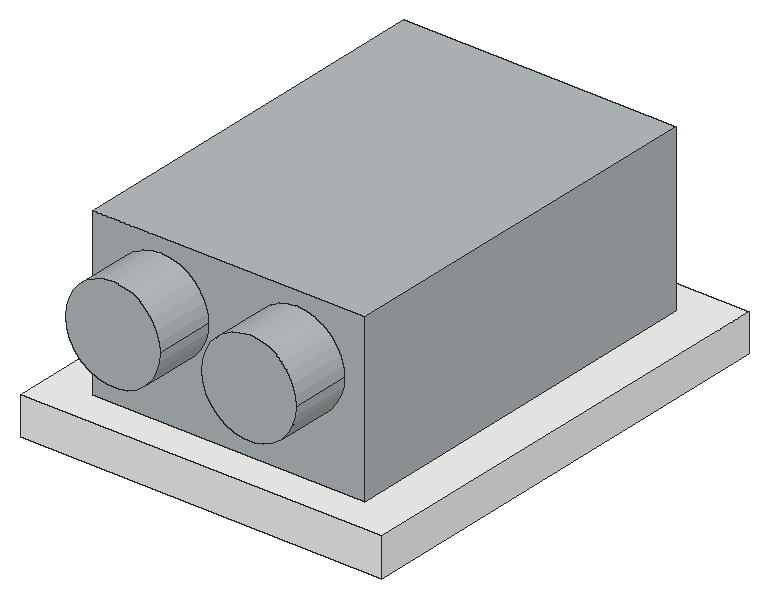
Revit family "v-142_143bzlt5_50Hz", category 機械設備, Revit 2019
Family settings
  丸型コネクタ寸法 = 直径を使用
  パーツ タイプ = 標準
  OmniClass 番号 = 23.75.35.17.27
  OmniClass タイトル = Centrifugal Fans
  作業面ベース = いいえ
  常に垂直 = はい
  ロード時にボイドで切り取り = いいえ
  共有 = いいえ
  部屋計算ポイント = はい
Parameters (values of type "V-142BZLT5")
  騒音レベル(dB(A)) [instance] = 44
  風量 [instance] = 170.0 m³/h
  電源種別 [instance] = ""
  電圧 = 100 V
  電動機出力 = 0 W
  電動機_種別 [instance] = ""
  運転質量 = 0.00 kg
  連動 [instance] = ""
  質量 = if(製品質量 > 運転質量, 製品質量, 運転質量) * 1.2  # 10.08 kg
  負荷分類 = 3_ファン類
  説明 = "バス乾燥・暖房・換気システム 薄形タイプ"
  設計風量 [instance] = 0.0 m³/h
  設置方法 = "カセット形"
  記号 [instance] = ""
  製造元 = "三菱電機株式会社"
  製品質量 = 8.40 kg
  製品出荷対象 = "国内"
  製品リリース年月 = "2022年5月10日"
  製品グループ = ""
  系統 [instance] = ""
  符号 [instance] = if(☑給気／□排気, "FS", "FE")  # "FE"
  積算_科目 = "2 換気設備"
  積算_拾い区分 [instance] = ""
  相 = 1
  盤記号 [instance] = ""
  発停方法 [instance] = ""
  特殊仕様 [instance] = ""
  点検口離隔 = 150 mm
  点検口_Depth = 450 mm
  点検口 = yes
  火災停止 [instance] = ""
  消費電力 = 1230 W
  法定耐用年数 = "10"
  機外静圧 [instance] = 0.0 Pa
  極数 = 2
  材質 [instance] = ""
  操作・制御方式 = ""
  操作・制御スイッチ = ""
  排気量 [instance] = if(☑給気／□排気, 0.0 m³/h, 設計風量)  # 0.0 m³/h
  形式 = ""
  幹線記号 [instance] = ""
  対象室 [instance] = ""
  実風量 [instance] = 0.0 m³/h
  始動方式 [instance] = "直入"
  本体固定用穴ピッチ2 = 265 mm
  本体固定用穴ピッチ1 = 304 mm
  本体固定用穴ピッチ4 = 424 mm
  本体固定用穴ピッチ3 = 224 mm
  外気量 [instance] = if(☑給気／□排気, 設計風量, 0.0 m³/h)  # 0.0 m³/h
  呼称 = "天井扇"
  周波数 = 50 Hz
  参照している仕様書等のバージョン = ""
  分類コード = "50052503100080"
  分類グループ = ""
  価格 = 124300
  企業コード = "108420"
  付属品_防振装置 = ""
  付属品 [instance] = ""
  仕様書バージョン = "Version1.0"
  モデル = "V-142BZLT5"
  マテリアル = 亜鉛メッキ鋼板
  ファンの種類 = ""
  ダクト径 = 100 mm
  コメント [instance] = ""
  Keynote = ""
  カバーマテリアル = 合成樹脂(白)
  ☑給気／□排気 [instance] = no
  Width = 280 mm
  W1 = 372 mm
  Version = ""
  Uniclass2015Version = "Systems v1.9"
  Uniclass2015Title = "Centrifugal fans"
  Uniclass2015Code = "Pr_65_67_29_12"
  URL = "https://www.mitsubishielectric.co.jp/ldg/wink/ssl/displayProduct.do?pid=320527"
  SpecificationReference = ""
  SpecificationDescription = ""
  Revision = ""
  RAダクト接続口_A = yes
  RAダクト接続口_B = no
  RAダクト接続口_C = no
  RAサイズ_D = 97.5 mm
  ProductInformation = ""
  OmniClassCode = "23-33 31 19 11 15"
  MIN風量 = 95.0 m³/h
  MIN静圧 = 0.0 Pa
  MID風量 = 0.0 m³/h
  MID静圧 = 0.0 Pa
  MAX風量 = 170.0 m³/h
  MAX静圧 = 0.0 Pa
  IfcTypeProduct = ""
  IfcProduct = ""
  IfcExportType = "PROPELLORAXIAL"
  IfcExportAs = "IfcFanType"
  Height = 170 mm
  H1 = 39 mm
  EAサイズ_D = 97.5 mm
  Duct_H = 107 mm
  Duct_RA_EA_W = 70 mm
  Duct_Depth = 61 mm
  DuctChange_D = 53.6 mm
  Depth = 400 mm
  D1 = 472 mm
  Author = "三菱電機株式会社"
Types (2, lengths in mm): name | 価格 | モデル | URL | RAダクト接続口_B
  V-142BZLT5 | 124300 | "V-142BZLT5" | "https://www.mitsubishielectric.co.jp/ldg/wink/ssl/displayProduct.do?pid=320527" | no
  V-143BZLT5 | 126500 | "V-143BZLT5" | "https://www.mitsubishielectric.co.jp/ldg/wink/ssl/displayProduct.do?pid=320477" | yes
Reference planes
  plane 1 "中心(正面/背面)": y = 0
  plane 2: z = 0
  plane 3 "中心(左/右)": x = 0
  plane 4: x = -186
  plane 5: x = 186
  plane 6: y = 236
  plane 7: y = -236
  plane 8: x = -140
  plane 9: x = 140
  plane 10: y = 200
  plane 11: y = -200
  plane 12: y = -261
  plane 13: z = 170
  plane 14: z = -39
  plane 15: z = 107
  plane 16: x = -152
  plane 17: x = 152
  plane 18: y = 132.5
  plane 19: y = -132.5
  plane 20: x = 70
  plane 21: x = -70
  plane 22: y = -53.6
  plane 23: x = -201
  plane 24: x = 201
  plane 25: x = -290
  plane 26: x = -740
  plane 27: y = 225
  plane 28: y = -225
  plane 29: x = -112
  plane 30: x = 112
  plane 31: y = 212
  plane 32: y = -212
Forms (mm)
  Extrusion 1, solid, material "亜鉛メッキ鋼板" <- "マテリアル", detail levels fine
    sketch origin (0, 0, 0) x (1, 0, 0) y (0, 1, 0)
      loop
        line (-140, 200) -> (-140, -200) -> (140, -200) -> (140, 200) -> (-140, 200)
    from 0 to 170
  Extrusion 2, solid, material "合成樹脂(白)" <- "カバーマテリアル", detail levels fine
    sketch origin (0, 0, 0) x (1, 0, 0) y (0, 1, 0)
      loop
        line (-186, 236) -> (-186, -236) -> (186, -236) -> (186, 236) -> (-186, 236)
    from 0 to -39
  Extrusion 3, solid, material "亜鉛メッキ鋼板" <- "マテリアル", detail levels fine
    sketch origin (0, 0, 0) x (1, 0, 0) y (0, 0, 1)
      loop
        circle (70, 107) r 48.75
    from 200 to 261
  Extrusion 4, solid, material "亜鉛メッキ鋼板" <- "マテリアル", visible <- "RAダクト接続口_A", detail levels fine
    sketch origin (0, 0, 0) x (1, 0, 0) y (0, 0, 1)
      loop
        circle (-70, 107) r 48.75
    from 200 to 261
  Extrusion 5, solid, material "亜鉛メッキ鋼板" <- "マテリアル", visible <- "RAダクト接続口_C", detail levels fine
    sketch origin (0, 0, 0) x (0, 1, 0) y (0, 0, 1)
      loop
        circle (-53.6, 107) r 48.75
    from 140 to 201
  Extrusion 6, solid, material "亜鉛メッキ鋼板" <- "マテリアル", visible <- "RAダクト接続口_B", detail levels fine
    sketch origin (0, 0, 0) x (0, 1, 0) y (0, 0, 1)
      loop
        circle (-53.6, 107) r 48.75
    from -201 to -140
Dimensions and locks
  equal spacing: plane 4, plane 3 "中心(左/右)", plane 5
  "W1": plane 4 to plane 5
  equal spacing: plane 6, plane 1 "中心(正面/背面)", plane 7
  "D1": plane 6 to plane 7
  equal spacing: plane 8, plane 3 "中心(左/右)", plane 9
  "Width": plane 8 to plane 9
  equal spacing: plane 10, plane 1 "中心(正面/背面)", plane 11
  "Depth": plane 10 to plane 11
  "Duct_Depth": plane 11 to plane 12
  "Height": plane 13 to plane 2
  "Duct_H": plane 15 to plane 2
  equal spacing: plane 16, plane 3 "中心(左/右)", plane 17
  "本体固定用穴ピッチ1": plane 16 to plane 17
  equal spacing: plane 18, plane 1 "中心(正面/背面)", plane 19
  "本体固定用穴ピッチ2": plane 18 to plane 19
  "H1": plane 2 to plane 14
  "Duct_RA_EA_W": plane 20 to plane 3 "中心(左/右)"
  "Duct_RA_EA_W": plane 21 to plane 3 "中心(左/右)"
  "DuctChange_D": plane 1 "中心(正面/背面)" to plane 22
  "Duct_Depth": plane 23 to plane 8
  "Duct_Depth": plane 9 to plane 24
  "点検口_Depth": plane 27 to plane 28
  equal spacing: plane 27, plane 1 "中心(正面/背面)", plane 28
  "点検口_Depth": plane 26 to plane 25
  "点検口離隔": plane 25 to plane 8
  equal spacing: plane 29, plane 3 "中心(左/右)", plane 30
  "本体固定用穴ピッチ3": plane 29 to plane 30
  equal spacing: plane 31, plane 1 "中心(正面/背面)", plane 32
  "本体固定用穴ピッチ4": plane 31 to plane 32
  "RAサイズ_D": diameter of Extrusion 4 sketch curve
  "RAサイズ_D": diameter of Extrusion 5 sketch curve
  "RAサイズ_D": diameter of Extrusion 6 sketch curve
  "EAサイズ_D": diameter of Extrusion 3 sketch curve
  aligned and locked: level to plane 2
  aligned and locked: plane 5 to Extrusion 2
  aligned and locked: plane 6 to Extrusion 2
  aligned and locked: Extrusion 2 to plane 4
  aligned and locked: Extrusion 2 to plane 7
  aligned and locked: plane 9 to Extrusion 1
  aligned and locked: Extrusion 1 to plane 11
  aligned and locked: Extrusion 1 to plane 8
  aligned and locked: plane 10 to Extrusion 1
  aligned and locked: plane 13 to Extrusion 1
  aligned and locked: Extrusion 2 to plane 14
  aligned and locked: level to Extrusion 2
  aligned and locked: Extrusion 1 to level
  aligned and locked: Extrusion 3 to plane 12
  aligned and locked: plane 11 to Extrusion 3
  aligned and locked: nested 2 to plane 16
  aligned and locked: nested 2 to plane 17
  aligned and locked: nested 2 to plane 19
  aligned and locked: nested 2 to plane 18
  aligned and locked: Extrusion 4 to plane 12
  aligned and locked: plane 11 to Extrusion 4
  aligned and locked: Extrusion 6 to plane 23
  aligned and locked: plane 8 to Extrusion 6
  aligned and locked: plane 24 to Extrusion 5
  aligned and locked: Extrusion 5 to plane 9
  aligned and locked: plane 25 to nested 3
  aligned and locked: plane 26 to nested 3
  aligned and locked: plane 28 to nested 3
  aligned and locked: plane 27 to nested 3
  aligned and locked: nested 4 to plane 29
  aligned and locked: nested 4 to plane 30
  aligned and locked: plane 31 to nested 4
  aligned and locked: plane 32 to nested 4
Automatic sketch dimensions
  Extrusion 4 sketch curve to plane 15 = 0 mm
  plane 21 to Extrusion 4 sketch curve = 0 mm
  Extrusion 5 sketch curve to plane 15 = 0 mm
  Extrusion 5 sketch curve to plane 22 = 0 mm
  Extrusion 6 sketch curve to plane 15 = 0 mm
  Extrusion 6 sketch curve to plane 22 = 0 mm
  Extrusion 1 sketch curve to plane 8 = 0 mm
  Extrusion 1 sketch curve to plane 9 = 0 mm
  Extrusion 1 sketch curve to plane 11 = 0 mm
  Extrusion 1 sketch curve to plane 10 = 0 mm
  Extrusion 2 sketch curve to plane 4 = 0 mm
  Extrusion 2 sketch curve to plane 5 = 0 mm
  Extrusion 2 sketch curve to plane 7 = 0 mm
  Extrusion 2 sketch curve to plane 6 = 0 mm
  Extrusion 3 sketch curve to plane 15 = 0 mm
  Extrusion 3 sketch curve to plane 20 = 0 mm
Nested families
  nested 1: "記号_天井換気扇_平面" at (0, 0, 0), type "記号_天井換気扇_平面", detail levels coarse+medium
  nested 2: "固定点" at (-152, -132.5, 0), type "固定点"
    with W 304 mm, D 265 mm
  nested 3: "点検口設置範囲" at (-515, 0, 0), visible <- "点検口", type "点検口設置範囲"
    with Width 450 mm, Depth 450 mm
  nested 4: "固定点" at (-112, -212, 0), type "固定点"
    with W 224 mm, D 424 mm
Connectors
  hvac at (70, -261, 107), driven by "ダクト径", driven by "風量", driven by "機外静圧"
    settings: on Extrusion 3, index 1, duct flow 170.0 m³/h, flow factor 0, pres drop 0.0 Pa, loss coef 0, conn angle 0.00°, conn width 304.8 mm, conn height 304.8 mm, conn diameter 100 mm, duct sys type 3, conn prof type 0, flow config 0, flow direction 2, loss method 4, conn ref index -1, conn util no, is conn primary yes, conn desc ""
  hvac at (-70, -261, 107), driven by "ダクト径", driven by "機外静圧", driven by "風量"
    settings: on Extrusion 4, index 3, duct flow 170.0 m³/h, flow factor 0, pres drop 0.0 Pa, loss coef 0, conn angle 0.00°, conn width 304.8 mm, conn height 304.8 mm, conn diameter 100 mm, duct sys type 2, conn prof type 0, flow config 0, flow direction 1, loss method 4, conn ref index -1, conn util no, is conn primary no, conn desc ""
  hvac at (201, -53.6, 107), driven by "ダクト径", driven by "機外静圧", driven by "風量"
    settings: on Extrusion 5, index 4, duct flow 170.0 m³/h, flow factor 0, pres drop 0.0 Pa, loss coef 0, conn angle 0.00°, conn width 304.8 mm, conn height 304.8 mm, conn diameter 100 mm, duct sys type 2, conn prof type 0, flow config 0, flow direction 1, loss method 4, conn ref index -1, conn util no, is conn primary no, conn desc ""
  hvac at (-201, -53.6, 107), driven by "ダクト径", driven by "機外静圧", driven by "風量"
    settings: on Extrusion 6, index 5, duct flow 170.0 m³/h, flow factor 0, pres drop 0.0 Pa, loss coef 0, conn angle 0.00°, conn width 304.8 mm, conn height 304.8 mm, conn diameter 100 mm, duct sys type 2, conn prof type 0, flow config 0, flow direction 1, loss method 4, conn ref index -1, conn util no, is conn primary no, conn desc ""
  electrical at (0, 0, 170), driven by "極数", driven by "負荷分類", driven by "電圧", driven by "消費電力"
    settings: on Extrusion 1, index 6, voltage 100 V, apparent load 1230 VA, apparent load phase1 0 VA, apparent load phase2 0 VA, apparent load phase3 0 VA, power factor 1, load classification "3_ファン類", number of poles 2, system type 30, power factor state 1, is connector primary yes, connector utility no, sub classification motor no, connector description ""
Definition of nested family "記号_天井換気扇_平面"
  Reference planes
    plane 1: y = 0
    plane 2: x = 0
  Lines and regions (mm)
    detail lines
      curve 1: line (-2.5, 2.5, 0) -> (2.5, 2.5, 0)
      curve 2: line (-2.5, -2.5, 0) -> (-2.5, 2.5, 0)
      curve 3: line (2.5, -2.5, 0) -> (-2.5, -2.5, 0)
      curve 4: line (2.5, 2.5, 0) -> (2.5, -2.5, 0)
      curve 5: circle (-1.04, -1.04, 0) r 1.46 normal (0, 0, 1)
      curve 6: circle (1.04, 1.04, 0) r 1.46 normal (0, 0, 1)
      curve 7: line (-3.125, 3.125, 0) -> (3.125, 3.125, 0)
      curve 8: line (-3.125, -3.125, 0) -> (-3.125, 3.125, 0)
      curve 9: line (3.125, -3.125, 0) -> (-3.125, -3.125, 0)
      curve 10: line (3.125, 3.125, 0) -> (3.125, -3.125, 0)
      curve 11: circle (1.295, 1.295, 0) r 1.83 normal (0, 0, 1)
      curve 12: circle (-1.295, -1.295, 0) r 1.83 normal (0, 0, 1)
      curve 13: line (-2, 2, 0) -> (2, 2, 0)
      curve 14: line (-2, -2, 0) -> (-2, 2, 0)
      curve 15: line (2, -2, 0) -> (-2, -2, 0)
      curve 16: line (2, 2, 0) -> (2, -2, 0)
      curve 17: circle (0.84, 0.84, 0) r 1.16 normal (0, 0, 1)
      curve 18: circle (-0.84, -0.84, 0) r 1.2 normal (0, 0, 1)
Definition of nested family "固定点"
  Parameters (values of type "固定点")
    中心円 = 20 mm
    W [instance] = 1000 mm
    D [instance] = 1000 mm
  Reference planes
    plane 1 "中心(正面/背面)": y = 0
    plane 2: z = 0
    plane 3 "中心(左/右)": x = 0
    plane 4: x = 1000
    plane 5: y = 1000
  Lines and regions (mm)
    symbolic lines, detail levels fine
      curve 1: circle (0, 1000, 0) r 10 normal (0, 0, 1)
      curve 2: circle (0, 0, 0) r 10 normal (0, 0, 1)
      curve 3: circle (1000, 1000, 0) r 10 normal (0, 0, 1)
      curve 4: circle (1000, 0, 0) r 10 normal (0, 0, 1)
      curve 5: line (-200, 1000, 0) -> (1200, 1000, 0)
      curve 6: line (-200, 0, 0) -> (1200, 0, 0)
      curve 7: line (0, 1200, 0) -> (0, -200, 0)
      curve 8: line (1000, 1200, 0) -> (1000, -200, 0)
  Dimensions and locks
    "W": plane 3 "中心(左/右)" to plane 4
    "D": plane 1 "中心(正面/背面)" to plane 5
    "中心円": diameter of curve 1
    "中心円": diameter of curve 2
    "中心円": diameter of curve 3
    "中心円": diameter of curve 4
    aligned and locked: level to plane 2
    aligned and locked: plane 5 to curve 1
    aligned and locked: plane 3 "中心(左/右)" to curve 1
    aligned and locked: plane 3 "中心(左/右)" to curve 2
    aligned and locked: plane 1 "中心(正面/背面)" to curve 2
    aligned and locked: plane 4 to curve 3
    aligned and locked: plane 5 to curve 3
    aligned and locked: plane 1 "中心(正面/背面)" to curve 4
    aligned and locked: plane 4 to curve 4
    aligned and locked: plane 1 "中心(正面/背面)" to curve 6
    aligned and locked: curve 7 to plane 3 "中心(左/右)"
    aligned and locked: curve 8 to plane 4
  Automatic sketch dimensions
    curve 5 to plane 5 = 0 mm
    curve 6 to plane 3 "中心(左/右)" = 200 mm
    curve 5 to plane 3 "中心(左/右)" = 200 mm
    curve 4 to curve 6 = 200 mm
    curve 3 to curve 5 = 200 mm
    plane 1 "中心(正面/背面)" to curve 8 = 200 mm
    plane 1 "中心(正面/背面)" to curve 7 = 200 mm
    curve 3 to curve 8 = 200 mm
    curve 1 to curve 7 = 200 mm
Definition of nested family "点検口設置範囲"
  Parameters (values of type "点検口設置範囲")
    Width [instance] = 1000 mm
    Depth [instance] = 700 mm
  Reference planes
    plane 1 "中心(正面/背面)": y = 0
    plane 2: z = 0
    plane 3 "中心(左/右)": x = 0
    plane 4: x = -500
    plane 5: x = 500
    plane 6: y = -350
    plane 7: y = 350
  Lines and regions (mm)
    model lines
      curve 1: line (-500, 350, 0) -> (500, 350, 0)
      curve 2: line (-500, -350, 0) -> (-500, 350, 0)
      curve 3: line (500, -350, 0) -> (-500, -350, 0)
      curve 4: line (500, 350, 0) -> (500, -350, 0)
  Dimensions and locks
    "Depth": plane 7 to plane 6
    "Width": plane 4 to plane 5
    equal spacing: plane 7, plane 1 "中心(正面/背面)", plane 6
    equal spacing: plane 4, plane 3 "中心(左/右)", plane 5
    aligned and locked: level to plane 2
    aligned and locked: plane 4 to curve 2
    aligned and locked: curve 1 to plane 7
    aligned and locked: curve 4 to plane 5
    aligned and locked: plane 6 to curve 3
